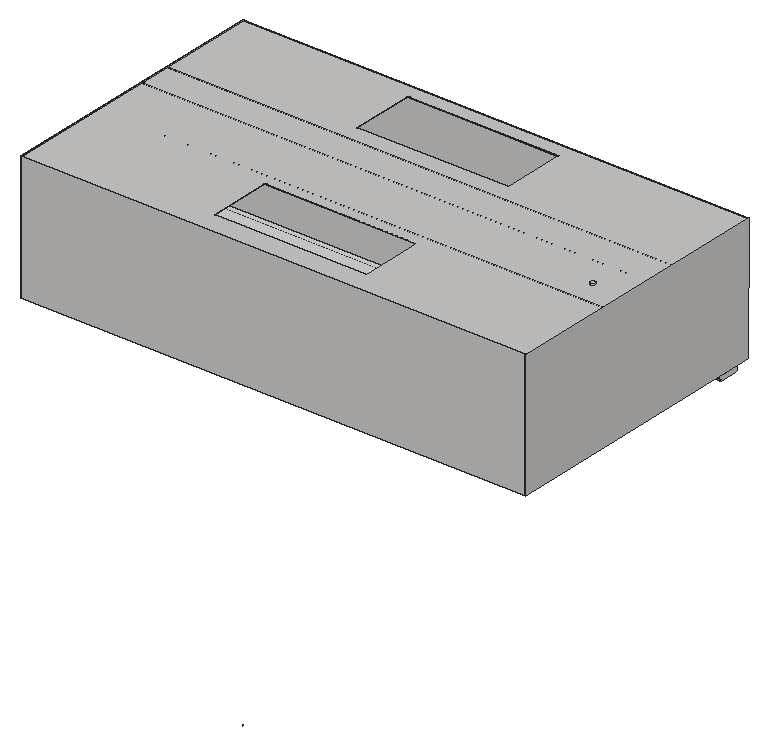
Revit family "QF_ELECTROLUXPROFESSIONAL_641251_STPF1120", category Specialty Equipment, Revit 2014
Reference planes
  plane 1: z = 0
  plane 2 "Center (Left/Right)": x = 150
  plane 3 "LEFT": x = -850
  plane 4 "RIGHT": x = 1150
  plane 5 "BACK": y = 550
  plane 6 "TOP": z = 2500
  plane 7 "Base": z = 2000
  plane 8: z = 1955
  plane 9 "DrainY": y = 490
  plane 10: x = -847
  plane 11 "DrainX": x = 1030
  plane 12 "AOLeft2": x = 450
  plane 13: x = 1147
  plane 14: x = -650
  plane 15: x = 950
  plane 16 "Center (Front/Back)": y = -100
  plane 17 "Front": y = -550
  plane 18 "AOLeft1": x = -150
  plane 19: y = -464
  plane 20: y = -214
  plane 21: y = 240
  plane 22: y = 490
  plane 23 "EI_y": y = -70
  plane 24 "EIx": x = 1030
Forms (mm)
  Extrusion 1, solid, material "QF_Finishes_Stainless Steel"
    sketch origin (-850, 0, 360) x (0, 1, 0) y (0, 0, 1)
      loop
        line (550, 1640) -> (550, 2140) -> (-550, 2140) -> (-550, 1640) -> (550, 1640)
    from 0 to 3
  Extrusion 2, solid, material "QF_Finishes_Stainless Steel"
    sketch origin (1150, 0, 360) x (0, 1, 0) y (0, 0, 1)
      loop
        line (550, 1640) -> (550, 2140) -> (-550, 2140) -> (-550, 1640) -> (550, 1640)
    from 0 to -3
  Extrusion 3, solid, material "QF_Finishes_Stainless Steel"
    sketch origin (150, 0, 360) x (0, 1, 0) y (0, 0, 1)
      loop
        line (-550, 2140) -> (-550, 1640) -> (-540, 1640) -> (-540, 1640.8) -> (-549.2, 1640.8) -> (-549.2, 2139.19) -> (549.2, 2139.19) -> (549.2, 1640.8) -> (540, 1640.8) -> (540, 1640) -> (550, 1640) -> (550, 2140) -> (-550, 2140)
    from -1000 to 1000
  Extrusion 4, solid, material "QF_Finishes_Stainless Steel"
    sketch origin (0, 0, 2000) x (0, 1, 0) y (-1, 0, 0)
      loop
        circle (490, -1030) r 4.763
    from -30 to 0
  Extrusion 5, void
    sketch origin (0, 0, 2500) x (0, 1, 0) y (-1, 0, 0)
      loop
        line (-214, -450) -> (-214, 150) -> (-464, 150) -> (-464, -450) -> (-214, -450)
    from 0 to -10
  Extrusion 6, solid, material "QF_Finishes_Stainless Steel"
    sketch origin (0, 0, 0) x (1, 0, 0) y (0, 1, 0)
      loop
        line (-850, 550) -> (-850, 549) -> (-849, 549) -> (-849, 550) -> (-850, 550)
    from 0 to 1
  Extrusion 7, solid, material "QF_LAMPS"
    sketch origin (150, 0, 360) x (0, 1, 0) y (0, 0, 1)
      loop
        line (-172.823, 1962.324) -> (-18.948, 2086.929) -> (-27.129, 2097.032) -> (-181.003, 1972.426) -> (-172.823, 1962.324)
    from 997 to -997
  Sweep 8, solid, material "QF_Finishes_Stainless Steel"
    path origin (0, 0, 0) x (1, 0, 0) y (0, 1, 0)
      loop
        line (1150, 550) -> (-850, 550) -> (-850, -550) -> (1150, -550) -> (1150, 550)
    profile origin (1150, 0, 0) x (1, 0, 0) y (0, 0, 1)
      loop
        line (-3, 2000) -> (-3, 2000.8) -> (-19, 2000.8) -> (-19, 2010) -> (-20, 2010) -> (-20, 2000) -> (-3, 2000)
  Extrusion 9, solid, material "QF_Finishes_Stainless Steel"
    sketch origin (150, 0, 0) x (0, 1, 0) y (0, 0, 1)
      loop
        line (414.66, 2095.469) -> (440.643, 2110.471) -> (261.744, 2411.771) -> (235.948, 2396.455) -> (414.66, 2095.469)
    from -997 to -800
  Extrusion 10, solid, material "QF_Finishes_Stainless Steel"
    sketch origin (1030, 0, 0) x (0, 1, 0) y (0, 0, 1)
      loop
        line (539, 2000) -> (441, 2000) -> (441, 1989) -> (448.5, 1989) -> (448.5, 1965)
        arc (448.5, 1965) -> (451.429, 1957.929) -> (458.5, 1955) r 10
        line (458.5, 1955) -> (521.5, 1955)
        arc (521.5, 1955) -> (528.571, 1957.929) -> (531.5, 1965) r 10
        line (531.5, 1965) -> (531.5, 1989) -> (539, 1989) -> (539, 2000)
    from 90 to -90
  Extrusion 11, solid, material "QF_Finishes_Stainless Steel"
    sketch origin (150, 0, 0) x (0, 1, 0) y (0, 0, 1)
      loop
        line (414.66, 2095.469) -> (440.643, 2110.471) -> (261.744, 2411.771) -> (235.948, 2396.455) -> (414.66, 2095.469)
    from 800 to 997
  Extrusion 12, solid, material "QF_Finished_Chrome"
    sketch origin (150, 0, 0) x (0, 1, 0) y (0, 0, 1)
      loop
        line (414.66, 2095.469) -> (440.643, 2110.471) -> (261.744, 2411.771) -> (235.948, 2396.455) -> (414.66, 2095.469)
    from -800 to 800
  Extrusion 13, void
    sketch origin (0, 1180, 2500) x (0, 1, 0) y (-1, 0, 0)
      loop
        line (-690, -450) -> (-690, 150) -> (-940, 150) -> (-940, -450) -> (-690, -450)
    from 0 to -10
  Extrusion 14, solid, material "QF_Finishes_Stainless Steel"
    sketch origin (0, 0, 2500) x (0, 1, 0) y (-1, 0, 0)
      loop
        circle (-70, -1030) r 10
    from 0 to 1.6
  Extrusion 15, solid, material "QF_Finishes_Stainless Steel"
    sketch origin (150, 0, 360) x (0, 1, 0) y (0, 0, 1)
      loop
        line (430.005, 1640) -> (540, 1640) -> (540, 1640.8) -> (430.467, 1640.8) -> (371.906, 1742.23) -> (414.858, 1734.657) -> (442.266, 1750.481) -> (442.266, 1765.943) -> (441.466, 1765.943) -> (441.466, 1750.943) -> (414.709, 1735.495) -> (321.153, 1751.991) -> (320.875, 1750.416) -> (371.4, 1741.507) -> (430.005, 1640)
      loop
        line (172.529, 2139.19) -> (242.893, 2017.316) -> (245.133, 2018.715) -> (240.13, 2027.381) -> (238.569, 2026.405) -> (173.453, 2139.19) -> (172.529, 2139.19)
    from -997 to 997
  Extrusion 16, solid, material "QF_Finishes_Stainless Steel"
    sketch origin (150, 200.8, 360) x (0, 1, 0) y (0, 0, 1)
      loop
        line (-750, 2139.19) -> (-750, 1640) -> (-686.602, 1640) -> (-599.146, 1690.493) -> (-610.058, 1709.394) -> (-666.564, 1676.77) -> (-714.704, 1680.982) -> (-749.2, 1730.248) -> (-749.2, 2139.19) -> (-750, 2139.19)
      loop
        line (-373.6, 1961.694) -> (-381.937, 1971.99) -> (-369.095, 1982.182) -> (-369.095, 2139.19) -> (-369.895, 2139.19) -> (-369.895, 1982.569) -> (-682.298, 1734.63) -> (-671.091, 1720.79) -> (-373.6, 1961.694)
      loop
        line (-227.61, 2099.216) -> (-218.171, 2087.559) -> (-154.411, 2139.19) -> (-155.682, 2139.19) -> (-218.052, 2088.684) -> (-226.989, 2099.719) -> (-227.61, 2099.216)
    from -997 to 997
  Extrusion 17, solid, material "QF_Finishes_Stainless Steel"
    sketch origin (0, 0, 2500) x (0, 1, 0) y (-1, 0, 0)
      loop
        circle (-70, -1030) r 10
    from 0 to 1.6
Cuts and joins
  Extrusion 5, Extrusion 13 cuts Extrusion 3
  joined: Extrusion 2, Extrusion 3, Sweep 8
Lines and regions (mm)
  symbolic lines, style "SpecialityEquipment", detail levels coarse
    curve 1: line (1150, 550, 2500) -> (-850, 550, 2500)
    curve 2: line (-850, 550, 2500) -> (-850, -550, 2500)
    curve 3: line (1150, -550, 2500) -> (1150, 550, 2500)
    curve 4: line (-850, 550, 0) -> (1150, -550, 0)
    curve 5: line (1150, 550, 0) -> (-850, -550, 0)
    curve 6: line (-850, -550, 0) -> (1150, -550, 0)
  symbolic lines, detail levels coarse
    curve 7: line (-150, 240, 2500) -> (450, 240, 2500)
    curve 8: line (-150, 490, 2500) -> (-150, 240, 2500)
    curve 9: line (450, 490, 2500) -> (-150, 490, 2500)
    curve 10: line (450, 240, 2500) -> (450, 490, 2500)
    curve 11: line (-150, -214, 2500) -> (450, -214, 2500)
    curve 12: line (-150, -464, 2500) -> (-150, -214, 2500)
    curve 13: line (450, -464, 2500) -> (-150, -464, 2500)
    curve 14: line (450, -214, 2500) -> (450, -464, 2500)
Dimensions and locks
  plane 3 "LEFT" to plane 4 "RIGHT" = 2000 mm
  equal spacing: plane 3 "LEFT", plane 2 "Center (Left/Right)", plane 4 "RIGHT"
  plane 7 "Base" to plane 8 = 45 mm
  plane 5 "BACK" to plane 9 "DrainY" = 60 mm  (x2)
  plane 3 "LEFT" to plane 10 = 3 mm
  plane 11 "DrainX" to plane 4 "RIGHT" = 120 mm
  plane 13 to plane 4 "RIGHT" = 3 mm
  plane 3 "LEFT" to plane 14 = 200 mm
  plane 15 to plane 4 "RIGHT" = 200 mm
  locked: plane 7 "Base" to level at 2000
  locked: plane 6 "TOP" to plane 7 "Base" at 500
  locked: plane 20 to plane 19 at 250
  locked: plane 19 to plane 17 "Front" at 86
  locked: plane 22 to plane 21 at 250
  locked: plane 5 "BACK" to plane 22 at 60
  locked: plane 23 "EI_y" to plane 17 "Front" at 480
  locked: plane 24 "EIx" to plane 4 "RIGHT" at 120
  locked: plane 18 "AOLeft1" to plane 12 "AOLeft2" at 600
  equal spacing: plane 18 "AOLeft1", plane 2 "Center (Left/Right)", plane 12 "AOLeft2"
  locked: plane 5 "BACK" to plane 17 "Front" at 1100
  plane 5 "BACK" to plane 17 "Front" = 1100 mm
  aligned and locked: level to plane 1
  aligned and locked: plane 4 "RIGHT" to Extrusion 3
  aligned and locked: Extrusion 3 to plane 3 "LEFT"
  aligned and locked: Extrusion 2 to plane 13
  aligned and locked: Extrusion 9 to plane 10
  aligned and locked: Extrusion 5 to plane 18 "AOLeft1"
  aligned and locked: Extrusion 5 to plane 12 "AOLeft2"
  aligned and locked: plane 14 to Extrusion 9
  aligned and locked: plane 15 to Extrusion 11
  aligned and locked: plane 13 to Extrusion 11
  aligned and locked: Extrusion 12 to plane 14
  aligned and locked: Extrusion 12 to plane 15
  aligned and locked: plane 13 to Extrusion 7
  aligned and locked: Extrusion 7 to plane 10
  aligned and locked: Extrusion 13 to plane 21
  aligned and locked: plane 22 to Extrusion 13
  aligned and locked: Extrusion 13 to plane 18 "AOLeft1"
  aligned and locked: Extrusion 13 to plane 12 "AOLeft2"
  aligned and locked: Extrusion 15 to plane 10
  aligned and locked: plane 13 to Extrusion 15
  aligned and locked: Extrusion 5 to plane 19
  aligned and locked: plane 20 to Extrusion 5
  aligned and locked: Extrusion 16 to Extrusion 1
  aligned and locked: plane 13 to Extrusion 16
Automatic sketch dimensions
  curve 6 to plane 3 "LEFT" = 0 mm
  curve 4 to plane 3 "LEFT" = 0 mm
  curve 5 to plane 4 "RIGHT" = 0 mm
  curve 6 to plane 4 "RIGHT" = 0 mm
  curve 4 to plane 17 "Front" = 0 mm
  curve 4 to plane 5 "BACK" = 0 mm
  curve 5 to plane 5 "BACK" = 0 mm
  Extrusion 1 sketch curve to plane 7 "Base" = 0 mm
  Extrusion 1 sketch curve to plane 17 "Front" = 0 mm
  Extrusion 1 sketch curve to plane 5 "BACK" = 0 mm
  Extrusion 1 sketch curve to plane 6 "TOP" = 0 mm
  Extrusion 2 sketch curve to plane 7 "Base" = 0 mm
  Extrusion 2 sketch curve to plane 17 "Front" = 0 mm
  Extrusion 2 sketch curve to plane 5 "BACK" = 0 mm
  Extrusion 2 sketch curve to plane 6 "TOP" = 0 mm
  Extrusion 3 sketch curve to plane 6 "TOP" = 0 mm
  Extrusion 3 sketch curve to plane 17 "Front" = 0 mm
  Extrusion 3 sketch curve to plane 7 "Base" = 0 mm  (x2)
  Extrusion 3 sketch curve to plane 5 "BACK" = 0 mm
  plane 17 "Front" to Extrusion 3 sketch curve = 0.8 mm
  Extrusion 3 sketch curve to Extrusion 3 sketch curve = 9.2 mm
  plane 7 "Base" to Extrusion 3 sketch curve = 0.8 mm  (x2)
  Extrusion 3 sketch curve to plane 5 "BACK" = 10 mm
  Extrusion 3 sketch curve to plane 5 "BACK" = 0.8 mm
  Extrusion 3 sketch curve to plane 6 "TOP" = 0.81 mm
  Extrusion 4 sketch curve to plane 9 "DrainY" = 0 mm
  Extrusion 4 sketch curve to plane 11 "DrainX" = 0 mm
  Extrusion 5 sketch curve to plane 12 "AOLeft2" = 0 mm
  Extrusion 5 sketch curve to plane 18 "AOLeft1" = 0 mm
  plane 19 to Extrusion 5 sketch curve = 0 mm
  Extrusion 5 sketch curve to plane 23 "EI_y" = 144 mm
  Extrusion 6 sketch curve to plane 3 "LEFT" = 0 mm
  Extrusion 6 sketch curve to plane 5 "BACK" = 0 mm
  plane 3 "LEFT" to Extrusion 6 sketch curve = 1 mm
  Extrusion 6 sketch curve to Extrusion 6 sketch curve = 1 mm
  plane 20 to Extrusion 7 sketch curve = 32.997 mm
  Extrusion 7 sketch curve to Extrusion 7 sketch curve = 8.181 mm  (x2)
  plane 23 "EI_y" to Extrusion 7 sketch curve = 42.871 mm
  Extrusion 7 sketch curve to plane 6 "TOP" = 177.676 mm
  Extrusion 7 sketch curve to Extrusion 7 sketch curve = 10.102 mm
  Extrusion 7 sketch curve to plane 6 "TOP" = 53.071 mm
  Extrusion 7 sketch curve to Extrusion 7 sketch curve = 10.103 mm
  Sweep 8 sketch curve to plane 3 "LEFT" = 0 mm
  Sweep 8 sketch curve to plane 4 "RIGHT" = 0 mm
  Sweep 8 sketch curve to plane 17 "Front" = 0 mm
  Sweep 8 sketch curve to plane 5 "BACK" = 0 mm
  profile plane to Sweep 8 sketch curve = 20 mm
  Sweep 8 sketch curve to Sweep 8 sketch curve = 1 mm
  profile plane to Sweep 8 sketch curve = 3 mm
  level to Sweep 8 sketch curve = 2000 mm
  Sweep 8 sketch curve to Sweep 8 sketch curve = 0.8 mm
  Sweep 8 sketch curve to Sweep 8 sketch curve = 9.2 mm
  Extrusion 9 sketch curve to plane 21 = 4.052 mm
  plane 21 to Extrusion 9 sketch curve = 21.744 mm
  Extrusion 9 sketch curve to plane 9 "DrainY" = 75.34 mm
  Extrusion 9 sketch curve to Extrusion 9 sketch curve = 25.983 mm
  plane 7 "Base" to Extrusion 9 sketch curve = 95.469 mm
  Extrusion 9 sketch curve to Extrusion 9 sketch curve = 15.001 mm
  Extrusion 9 sketch curve to plane 6 "TOP" = 103.545 mm
  Extrusion 9 sketch curve to Extrusion 9 sketch curve = 15.316 mm
  Extrusion 10 sketch curve to plane 8 = 0 mm
  Extrusion 10 sketch curve to plane 7 "Base" = 11 mm  (x2)
  Extrusion 10 sketch curve to plane 9 "DrainY" = 49 mm
  Extrusion 10 sketch curve to Extrusion 10 sketch curve = 7.5 mm  (x2)
  Extrusion 10 sketch curve to Extrusion 10 sketch curve = 10 mm
  Extrusion 10 sketch curve to plane 5 "BACK" = 28.5 mm
  Extrusion 10 sketch curve to plane 5 "BACK" = 18.5 mm
  plane 7 "Base" to Extrusion 10 sketch curve = 0 mm
  Extrusion 11 sketch curve to plane 21 = 4.052 mm
  plane 21 to Extrusion 11 sketch curve = 21.744 mm
  Extrusion 11 sketch curve to plane 9 "DrainY" = 75.34 mm
  Extrusion 11 sketch curve to Extrusion 11 sketch curve = 25.983 mm
  plane 7 "Base" to Extrusion 11 sketch curve = 95.469 mm
  Extrusion 11 sketch curve to Extrusion 11 sketch curve = 15.001 mm
  Extrusion 11 sketch curve to plane 6 "TOP" = 103.545 mm
  Extrusion 11 sketch curve to Extrusion 11 sketch curve = 15.316 mm
  Extrusion 12 sketch curve to plane 21 = 4.052 mm
  plane 21 to Extrusion 12 sketch curve = 21.744 mm
  Extrusion 12 sketch curve to plane 9 "DrainY" = 75.34 mm
  Extrusion 12 sketch curve to Extrusion 12 sketch curve = 25.983 mm
  plane 7 "Base" to Extrusion 12 sketch curve = 95.469 mm
  Extrusion 12 sketch curve to Extrusion 12 sketch curve = 15.001 mm
  Extrusion 12 sketch curve to plane 6 "TOP" = 103.545 mm
  Extrusion 12 sketch curve to Extrusion 12 sketch curve = 15.316 mm
  Extrusion 13 sketch curve to plane 12 "AOLeft2" = 0 mm
  Extrusion 13 sketch curve to plane 21 = 0 mm
  Extrusion 13 sketch curve to plane 9 "DrainY" = 0 mm
  Extrusion 13 sketch curve to plane 18 "AOLeft1" = 0 mm
  Extrusion 14 sketch curve to plane 23 "EI_y" = 0 mm
  Extrusion 14 sketch curve to plane 24 "EIx" = 0 mm
  Extrusion 15 sketch curve to plane 7 "Base" = 0 mm
  Extrusion 15 sketch curve to plane 6 "TOP" = 0.81 mm
  Extrusion 15 sketch curve to plane 21 = 67.471 mm
  Extrusion 15 sketch curve to Extrusion 15 sketch curve = 0.924 mm
  Extrusion 15 sketch curve to plane 21 = 1.431 mm
  plane 21 to Extrusion 15 sketch curve = 0.13 mm
  plane 21 to Extrusion 15 sketch curve = 2.893 mm
  Extrusion 15 sketch curve to Extrusion 15 sketch curve = 2.24 mm
  plane 21 to Extrusion 15 sketch curve = 80.875 mm
  Extrusion 15 sketch curve to Extrusion 15 sketch curve = 0.278 mm
  Extrusion 15 sketch curve to Extrusion 15 sketch curve = 50.525 mm
  Extrusion 15 sketch curve to Extrusion 15 sketch curve = 0.506 mm
  Extrusion 15 sketch curve to Extrusion 15 sketch curve = 42.803 mm
  Extrusion 15 sketch curve to Extrusion 15 sketch curve = 0.148 mm
  Extrusion 15 sketch curve to plane 9 "DrainY" = 59.995 mm
  plane 7 "Base" to Extrusion 15 sketch curve = 0.8 mm
  Extrusion 15 sketch curve to Extrusion 15 sketch curve = 0.462 mm  (x2)
  Extrusion 15 sketch curve to Extrusion 15 sketch curve = 109.533 mm
  Extrusion 15 sketch curve to Extrusion 15 sketch curve = 26.757 mm
  Extrusion 15 sketch curve to Extrusion 15 sketch curve = 0.8 mm
  plane 7 "Base" to Extrusion 15 sketch curve = 94.657 mm
  Extrusion 15 sketch curve to Extrusion 15 sketch curve = 0.838 mm
  Extrusion 15 sketch curve to Extrusion 15 sketch curve = 6.012 mm
  Extrusion 15 sketch curve to Extrusion 15 sketch curve = 0.723 mm
  Extrusion 15 sketch curve to Extrusion 15 sketch curve = 14.986 mm
  Extrusion 15 sketch curve to Extrusion 15 sketch curve = 15 mm
  Extrusion 15 sketch curve to plane 6 "TOP" = 122.684 mm
  Extrusion 15 sketch curve to Extrusion 15 sketch curve = 1.399 mm
  Extrusion 15 sketch curve to Extrusion 15 sketch curve = 9.089 mm
  Extrusion 15 sketch curve to Extrusion 15 sketch curve = 0.975 mm
  Extrusion 16 sketch curve to plane 7 "Base" = 0 mm
  Extrusion 16 sketch curve to Extrusion 16 sketch curve = 0.8 mm  (x2)
  plane 7 "Base" to Extrusion 16 sketch curve = 40.982 mm
  Extrusion 16 sketch curve to Extrusion 16 sketch curve = 35.296 mm
  Extrusion 16 sketch curve to Extrusion 16 sketch curve = 28.102 mm
  plane 7 "Base" to Extrusion 16 sketch curve = 94.63 mm
  Extrusion 16 sketch curve to Extrusion 16 sketch curve = 32.405 mm
  plane 7 "Base" to Extrusion 16 sketch curve = 80.79 mm
  Extrusion 16 sketch curve to Extrusion 16 sketch curve = 11.207 mm
  plane 7 "Base" to Extrusion 16 sketch curve = 36.77 mm
  Extrusion 16 sketch curve to Extrusion 16 sketch curve = 20.038 mm
  plane 7 "Base" to Extrusion 16 sketch curve = 69.394 mm
  Extrusion 16 sketch curve to Extrusion 16 sketch curve = 61.033 mm
  plane 7 "Base" to Extrusion 16 sketch curve = 50.493 mm
  Extrusion 16 sketch curve to Extrusion 16 sketch curve = 10.912 mm
  Extrusion 16 sketch curve to plane 6 "TOP" = 168.01 mm
  Extrusion 16 sketch curve to Extrusion 16 sketch curve = 228.121 mm
  Extrusion 16 sketch curve to plane 6 "TOP" = 178.306 mm
  Extrusion 16 sketch curve to Extrusion 16 sketch curve = 8.337 mm
  Extrusion 16 sketch curve to plane 6 "TOP" = 157.431 mm
  Extrusion 16 sketch curve to Extrusion 16 sketch curve = 12.042 mm
  Extrusion 16 sketch curve to plane 6 "TOP" = 157.818 mm
  Extrusion 16 sketch curve to plane 6 "TOP" = 40.784 mm
  Extrusion 16 sketch curve to Extrusion 16 sketch curve = 141.485 mm
  Extrusion 16 sketch curve to plane 6 "TOP" = 40.281 mm
  Extrusion 16 sketch curve to Extrusion 16 sketch curve = 0.622 mm
  Extrusion 16 sketch curve to plane 6 "TOP" = 52.441 mm
  Extrusion 16 sketch curve to plane 6 "TOP" = 51.316 mm
  Extrusion 16 sketch curve to plane 6 "TOP" = 0.81 mm  (x3)
  Extrusion 16 sketch curve to Extrusion 16 sketch curve = 62.37 mm
  Extrusion 16 sketch curve to Extrusion 16 sketch curve = 1.271 mm
  Extrusion 16 sketch curve to Extrusion 16 sketch curve = 49.266 mm
  Extrusion 17 sketch curve to plane 23 "EI_y" = 0 mm
  Extrusion 17 sketch curve to plane 24 "EIx" = 0 mm
  plane 17 "Front" to Extrusion 16 sketch curve = 0.8 mm
  curve 2 to plane 3 "LEFT" = 0 mm
  curve 2 to plane 17 "Front" = 0 mm
  curve 3 to plane 4 "RIGHT" = 0 mm
  curve 3 to plane 17 "Front" = 0 mm
  curve 13 to plane 18 "AOLeft1" = 0 mm
  curve 13 to plane 19 = 0 mm
  curve 14 to plane 12 "AOLeft2" = 0 mm
  curve 14 to plane 20 = 0 mm
  curve 7 to plane 18 "AOLeft1" = 0 mm
  curve 7 to plane 21 = 0 mm
  curve 8 to plane 9 "DrainY" = 0 mm
  curve 2 to plane 5 "BACK" = 0 mm
  curve 10 to plane 12 "AOLeft2" = 0 mm
  radius of Extrusion 4 sketch curve = 4.763 mm
  radius of Extrusion 14 sketch curve = 10 mm
  radius of Extrusion 17 sketch curve = 10 mm
Connectors
  piping at (1030, 490, 1970), diameter 9.5
    settings: on Extrusion 4, index 1, connector inside diameter 609.6 mm, connector length 0 mm, flow factor 0, pipe flow 0.0 L/s, pressure drop 0.0 Pa, fitting loss kfactor 0, connector angle 0.00°, fixture units 0, engagement length 0 mm, angle of deflection 0.00°, flow configuration 1, flow direction 2, fitting loss method 0, system type 16, joint type 0, gender type 0, connector reference index -1, connector utility 0, adjustable connector no, is connector primary yes, connector description "Drain"
  hvac at (150, -339, 2500)
    settings: on Extrusion 5, index 2, duct flow 0.0 L/s, flow factor 0, pres drop 0.0 Pa, loss coef 0, conn angle 0.00°, conn width 250 mm, conn height 600 mm, conn diameter 609.6 mm, duct sys type 1, conn prof type 1, flow config 1, flow direction 1, loss method 0, conn ref index -1, conn util no, is conn primary yes, conn desc "AIR INLET"
  hvac at (150, 365, 2500)
    settings: on Extrusion 13, index 4, duct flow 0.0 L/s, flow factor 0, pres drop 0.0 Pa, loss coef 0, conn angle 0.00°, conn width 250 mm, conn height 600 mm, conn diameter 609.6 mm, duct sys type 3, conn prof type 1, flow config 1, flow direction 2, loss method 0, conn ref index -1, conn util no, is conn primary no, conn desc "EXHAUST OUTLET"
  electrical at (1030, -70, 2501.6)
    settings: on Extrusion 14, index 6, voltage 0 V, apparent load 0 VA, apparent load phase1 0 VA, apparent load phase2 0 VA, apparent load phase3 0 VA, power factor 1, load classification "Other", number of poles 1, system type 30, power factor state 1, is connector primary yes, connector utility no, sub classification motor no, connector description "Electrical Connection"
  electrical at (1030, -70, 2501.6)
    settings: on Extrusion 17, index 12, voltage 0 V, apparent load 0 VA, apparent load phase1 0 VA, apparent load phase2 0 VA, apparent load phase3 0 VA, power factor 1, load classification "Other", number of poles 1, system type 30, power factor state 1, is connector primary no, connector utility no, sub classification motor no, connector description ""
